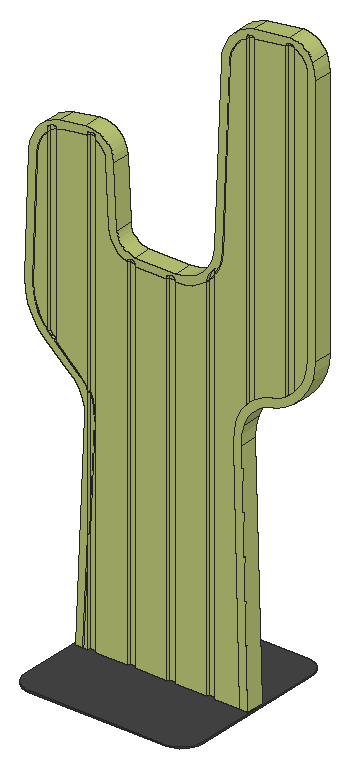
Revit family "Haworth_BuzziCactus_TexMex", category Furniture, Revit 2018
Family settings
  OmniClass Number = 23.40.70.14.64.21
  OmniClass Title = Systems Furniture
  Work Plane-Based = No
  Always vertical = Yes
  Cut with Voids When Loaded = No
  Shared = No
  Room Calculation Point = No
Parameters (values of type "HCBZ-CTS2-2")
  Warranty = "http://www.haworth.com/resources/product-info/warranties"
  Upholstery Finish [instance] = Haworth _ Fabric _ Trevira CS _ Pistache BCS-7009
  URL - Product = "https://www.haworth.com/products/architectural-interiors/acoustic-solutions/buzzicactus"
  URL = "http://www.haworth.com/our-brands/haworth-collection"
  Size = "Verify Final Dim. w/ Haworth"  # constant formula
  Revision Number = "1"  # constant formula
  Model = "HCBZ-CTS"  # constant formula
  Manufacturer = "Haworth"  # constant formula
  Description = "Haworth BuzziCactus TexMex"  # constant formula
  Base Finish [instance] = Haworth _ Paint _ Black BTR-9005
  Author = "Haworth (Abd Rahman)"  # constant formula
  Assembly Code = "E2020200"
  Actual Width = 31 57/64"  # constant formula
  Actual Height = 67 91/128"  # constant formula
  Actual Depth = 19 37/128"  # constant formula
Reference planes (in)
  plane 1 "Center F/B": y = 1.75
  plane 2: z = 0
  plane 3 "Back": y = 11.39453
  plane 4 "Front": y = -7.89453
  plane 5 "Top": z = 67.71094
  plane 6 "Right": x = 38.40569
  plane 7 "Left": x = 6.51506
  plane 8: x = 22.46038
  plane 9 "Front Surface": y = 0.86651
  plane 10 "Back Surface": y = 2.74956
  plane 11 "Base Top": z = 0.11811
Forms (in)
  Extrusion 1, solid, material "Haworth _ Paint _ Black BTR-9005" <- "Base Finish"
    sketch origin (0, 0, 0) x (1, 0, 0) y (0, 1, 0)
      loop
        arc (28.9559, -7.89453) -> (30.54689, -7.23552) -> (31.2059, -5.64453) r 2.25
        line (31.2059, -5.64453) -> (31.2059, 9.14453)
        arc (31.2059, 9.14453) -> (30.54689, 10.73552) -> (28.9559, 11.39453) r 2.25
        line (28.9559, 11.39453) -> (14.16456, 11.39453)
        arc (14.16456, 11.39453) -> (12.57357, 10.73552) -> (11.91456, 9.14453) r 2.25
        line (11.91456, 9.14453) -> (11.91456, -5.64453)
        arc (11.91456, -5.64453) -> (12.57357, -7.23552) -> (14.16456, -7.89453) r 2.25
        line (14.16456, -7.89453) -> (28.9559, -7.89453)
    from 0 to 0.11811
  Extrusion 2, solid, material "Haworth _ Fabric _ Trevira CS _ Pistache BCS-7009" <- "Upholstery Finish"
    sketch origin (0, 1.75, 0) x (1, 0, 0) y (0, 0, 1)
      loop
        line (13.15691, 22.79724) -> (12.13633, 0.11811) -> (30.95459, 0.11811) -> (30.24927, 25.91709)
        arc (30.24927, 25.91709) -> (30.31857, 27.01886) -> (30.58433, 28.09033) r 6.13095
        arc (30.58433, 28.09033) -> (31.80137, 29.90453) -> (33.75433, 30.88353) r 4.28737
        arc (33.75433, 30.88353) -> (34.46463, 31.09073) -> (35.13489, 31.40411) r 4.8244
        arc (35.13489, 31.40411) -> (37.50085, 33.73662) -> (38.36837, 36.94376) r 6.36206
        line (38.36837, 36.94376) -> (38.36838, 64.39259)
        arc (38.36838, 64.39259) -> (38.2836, 65.25214) -> (38.03253, 66.07857) r 4.39975
        arc (38.03253, 66.07857) -> (37.02149, 67.25712) -> (35.50965, 67.61142) r 2.5
        arc (35.50965, 67.61142) -> (33.53213, 67.38791) -> (31.56952, 67.05817) r 36.91631
        arc (31.56952, 67.05817) -> (29.82324, 66.27456) -> (28.60158, 64.80109) r 4.22712
        arc (28.60158, 64.80109) -> (28.22944, 63.80404) -> (28.07674, 62.75082) r 5
        line (28.07674, 62.75082) -> (27.38803, 44.32311)
        arc (27.38803, 44.32311) -> (26.08955, 41.42103) -> (23.141, 40.23184) r 4.25
        line (23.141, 40.23184) -> (18.65438, 40.23184)
        arc (18.65438, 40.23184) -> (17.27527, 40.78337) -> (16.65679, 42.13378) r 2
        line (16.65679, 42.13378) -> (16.33821, 48.62409)
        arc (16.33821, 48.62409) -> (15.37382, 50.58352) -> (13.2854, 51.22218) r 2.75
        arc (13.2854, 51.22218) -> (11.86575, 51.02758) -> (10.45742, 50.76316) r 29.03031
        arc (10.45742, 50.76316) -> (8.08753, 49.33707) -> (7.09709, 46.75461) r 4.25
        line (7.09709, 46.75461) -> (6.65418, 34.02959)
        arc (6.65418, 34.02959) -> (7.18736, 31.15575) -> (8.88547, 28.77674) r 6.75
        arc (8.88547, 28.77674) -> (10.21885, 27.59506) -> (11.56976, 26.43346) r 119.0737
        arc (11.56976, 26.43346) -> (12.78571, 24.79971) -> (13.15691, 22.79724) r 4.5
    from -0.99956 to 0.88349
  Extrusion 3, solid, material "Haworth _ Fabric _ Trevira CS _ Pistache BCS-7009" <- "Upholstery Finish"
    sketch origin (0, 1.75, 0) x (1, 0, 0) y (0, 0, 1)
      loop
        line (13.15691, 22.79724) -> (12.13633, 0.11811) -> (12.98876, 0.11811) -> (14.00761, 22.75896)
        arc (14.00761, 22.75896) -> (13.56616, 25.14036) -> (12.12012, 27.08328) r 5.35156
        arc (12.12012, 27.08328) -> (10.77887, 28.23657) -> (9.45502, 29.40981) r 118.22214
        arc (9.45502, 29.40981) -> (7.97114, 31.48868) -> (7.50522, 33.99996) r 5.89844
        line (7.50522, 33.99996) -> (7.94814, 46.72499)
        arc (7.94814, 46.72499) -> (8.74013, 48.79001) -> (10.63517, 49.93035) r 3.39844
        arc (10.63517, 49.93035) -> (12.00218, 50.18701) -> (13.38019, 50.37591) r 28.17875
        arc (13.38019, 50.37591) -> (14.82191, 49.93501) -> (15.48767, 48.58234) r 1.89844
        line (15.48767, 48.58234) -> (15.80625, 42.09203)
        arc (15.80625, 42.09203) -> (16.68807, 40.16664) -> (18.65438, 39.38027) r 2.85156
        line (18.65438, 39.38027) -> (23.141, 39.38027)
        arc (23.141, 39.38027) -> (26.68035, 40.80774) -> (28.239, 44.29131) r 5.10156
        line (28.239, 44.29131) -> (28.9277, 62.71901)
        arc (28.9277, 62.71901) -> (29.0544, 63.59286) -> (29.36316, 64.4201) r 4.14844
        arc (29.36316, 64.4201) -> (30.33872, 65.59673) -> (31.7332, 66.22248) r 3.37556
        arc (31.7332, 66.22248) -> (33.65054, 66.54463) -> (35.58245, 66.76298) r 36.06475
        arc (35.58245, 66.76298) -> (36.57932, 66.52936) -> (37.24597, 65.75225) r 1.64844
        arc (37.24597, 65.75225) -> (37.44844, 65.08578) -> (37.51681, 64.39259) r 3.54818
        line (37.51681, 64.39259) -> (37.51681, 36.94376)
        arc (37.51681, 36.94376) -> (36.76541, 34.16589) -> (34.71613, 32.14559) r 5.5105
        arc (34.71613, 32.14559) -> (34.16418, 31.88753) -> (33.57925, 31.71691) r 3.97284
        arc (33.57925, 31.71691) -> (31.23839, 30.54345) -> (29.77962, 28.36891) r 5.13893
        arc (29.77962, 28.36891) -> (29.47695, 27.14861) -> (29.39802, 25.89382) r 6.98251
        line (29.39802, 25.89382) -> (30.10335, 0.09484) -> (30.95523, 0.09484) -> (30.24927, 25.91709)
        arc (30.24927, 25.91709) -> (30.31857, 27.01886) -> (30.58433, 28.09033) r 6.13095
        arc (30.58433, 28.09033) -> (31.80137, 29.90453) -> (33.75433, 30.88353) r 4.28737
        arc (33.75433, 30.88353) -> (34.46463, 31.09073) -> (35.13489, 31.40411) r 4.8244
        arc (35.13489, 31.40411) -> (37.50085, 33.73662) -> (38.36837, 36.94376) r 6.36206
        line (38.36837, 36.94376) -> (38.36838, 64.39259)
        arc (38.36838, 64.39259) -> (38.2836, 65.25214) -> (38.03253, 66.07857) r 4.39975
        arc (38.03253, 66.07857) -> (37.02149, 67.25712) -> (35.50965, 67.61142) r 2.5
        arc (35.50965, 67.61142) -> (33.53213, 67.38791) -> (31.56952, 67.05817) r 36.91631
        arc (31.56952, 67.05817) -> (29.82324, 66.27456) -> (28.60158, 64.80109) r 4.22712
        arc (28.60158, 64.80109) -> (28.22944, 63.80404) -> (28.07674, 62.75082) r 5
        line (28.07674, 62.75082) -> (27.38803, 44.32311)
        arc (27.38803, 44.32311) -> (26.08955, 41.42103) -> (23.141, 40.23184) r 4.25
        line (23.141, 40.23184) -> (18.65438, 40.23184)
        arc (18.65438, 40.23184) -> (17.27527, 40.78337) -> (16.65679, 42.13378) r 2
        line (16.65679, 42.13378) -> (16.33821, 48.62409)
        arc (16.33821, 48.62409) -> (15.37382, 50.58352) -> (13.2854, 51.22218) r 2.75
        arc (13.2854, 51.22218) -> (11.86575, 51.02758) -> (10.45742, 50.76316) r 29.03031
        arc (10.45742, 50.76316) -> (8.08753, 49.33707) -> (7.09709, 46.75461) r 4.25
        line (7.09709, 46.75461) -> (6.65418, 34.02959)
        arc (6.65418, 34.02959) -> (7.18736, 31.15575) -> (8.88547, 28.77674) r 6.75
        arc (8.88547, 28.77674) -> (10.21885, 27.59506) -> (11.56976, 26.43346) r 119.0737
        arc (11.56976, 26.43346) -> (12.78571, 24.79971) -> (13.15691, 22.79724) r 4.5
    from -0.99956 to 0.88349
  Extrusion 4, void
    sketch origin (0, 1.75, 0) x (1, 0, 0) y (0, 0, 1)
      loop
        arc (10.085, 50.02729) -> (9.54489, 50.05398) -> (9.14086, 49.69456) r 0.71429
        line (9.14086, 49.69456) -> (9.14086, 29.71427)
        arc (9.14086, 29.71427) -> (9.29512, 29.55913) -> (9.45502, 29.40981) r 5.89844
        arc (9.45502, 29.40981) -> (9.76951, 29.12789) -> (10.085, 28.84709) r 118.22214
        line (10.085, 28.84709) -> (10.085, 50.02729)
    from 0.63012 to 2.3549
  Extrusion 5, void
    sketch origin (4.38863, 1.75, -0.38396) x (1, 0, 0) y (0, 0, 1)
      loop
        arc (10.02708, 50.98438) -> (9.58421, 51.22645) -> (9.10892, 51.05664) r 0.61657
        line (9.10892, 51.05664) -> (9.10892, 0.50207) -> (10.02708, 0.50207) -> (10.02708, 50.98438)
    from 0.63012 to 2.3549
  Extrusion 6, void
    sketch origin (8.70635, 1.75, -0.38396) x (1, 0, 0) y (0, 0, 1)
      loop
        arc (10.02708, 39.97209) -> (9.60893, 40.28422) -> (9.10892, 40.13501) r 0.58111
        line (9.10892, 40.13501) -> (9.10892, 0.50207) -> (10.02708, 0.50207) -> (10.02708, 39.97209)
    from 0.63012 to 2.3549
  Extrusion 7, void
    sketch origin (13.03706, 1.75, -0.38396) x (1, 0, 0) y (0, 0, 1)
      loop
        arc (10.02708, 40.00339) -> (9.568, 40.25989) -> (9.10892, 40.00339) r 0.53909
        line (9.10892, 40.00339) -> (9.10892, 0.50207) -> (10.02708, 0.50207) -> (10.02708, 40.00339)
    from 0.63012 to 2.3549
  Extrusion 8, void
    sketch origin (17.36777, 1.75, -0.38396) x (1, 0, 0) y (0, 0, 1)
      loop
        arc (10.02708, 42.59878) -> (9.43651, 41.91256) -> (9.10892, 41.06855) r 2.67256
        line (9.10892, 41.06855) -> (9.10892, 0.50207) -> (10.02708, 0.50207) -> (10.02708, 42.59878)
    from 0.63012 to 2.3549
  Extrusion 9, void
    sketch origin (21.2874, 1.75, 16.60863) x (1, 0, 0) y (0, 0, 1)
      loop
        arc (10.45114, 49.6149) -> (9.86572, 49.76721) -> (9.50701, 49.28014) r 0.53939
        line (9.50701, 49.28014) -> (9.50701, 13.49269)
        arc (9.50701, 13.49269) -> (9.95356, 13.93708) -> (10.45114, 14.32349) r 5.13893
        line (10.45114, 14.32349) -> (10.45114, 49.6149)
    from 0.63012 to 2.3549
  Extrusion 10, void
    sketch origin (26.01665, 1.75, 16.60863) x (1, 0, 0) y (0, 0, 1)
      loop
        arc (10.05262, 50.11217) -> (9.58055, 50.49628) -> (9.10847, 50.11217) r 0.48215
        line (9.10847, 50.11217) -> (9.10847, 15.79216)
        arc (9.10847, 15.79216) -> (9.6039, 16.17546) -> (10.05262, 16.61251) r 5.5105
        line (10.05262, 16.61251) -> (10.05262, 50.11217)
    from 0.63012 to 2.3549
  Extrusion 11, solid, material "Haworth _ Fabric _ Trevira CS _ Pistache BCS-7009" <- "Upholstery Finish"
    sketch origin (0, 1.75, 0) x (1, 0, 0) y (0, 0, 1)
      loop
        arc (36.06927, 66.7208) -> (35.59719, 67.10491) -> (35.12512, 66.7208) r 0.48215
        line (35.12512, 66.7208) -> (35.12512, 32.40079)
        arc (35.12512, 32.40079) -> (35.62054, 32.78409) -> (36.06927, 33.22114) r 5.5105
        line (36.06927, 33.22114) -> (36.06927, 66.7208)
      loop
        line (30.79441, 65.88877) -> (30.79441, 30.10132)
        arc (30.79441, 30.10132) -> (31.24097, 30.54571) -> (31.73854, 30.93212) r 5.13893
        line (31.73854, 30.93212) -> (31.73854, 66.22353)
        arc (31.73854, 66.22353) -> (31.15312, 66.37584) -> (30.79441, 65.88877) r 0.53939
      loop
        line (27.39485, 0.11811) -> (27.39485, 42.21482)
        arc (27.39485, 42.21482) -> (26.80427, 41.52861) -> (26.47669, 40.68459) r 2.67256
        line (26.47669, 40.68459) -> (26.47669, 0.11811) -> (27.39485, 0.11811)
      loop
        line (23.06414, 0.11811) -> (23.06414, 39.61944)
        arc (23.06414, 39.61944) -> (22.60506, 39.87593) -> (22.14598, 39.61944) r 0.53909
        line (22.14598, 39.61944) -> (22.14598, 0.11811) -> (23.06414, 0.11811)
      loop
        line (18.73343, 0.11811) -> (18.73343, 39.58813)
        arc (18.73343, 39.58813) -> (18.31528, 39.90026) -> (17.81527, 39.75106) r 0.58111
        line (17.81527, 39.75106) -> (17.81527, 0.11811) -> (18.73343, 0.11811)
      loop
        line (14.41571, 0.11811) -> (14.41571, 50.60043)
        arc (14.41571, 50.60043) -> (13.97284, 50.84249) -> (13.49755, 50.67269) r 0.61657
        line (13.49755, 50.67269) -> (13.49755, 0.11811) -> (14.41571, 0.11811)
      loop
        line (10.085, 28.84709) -> (10.085, 50.02729)
        arc (10.085, 50.02729) -> (9.54489, 50.05398) -> (9.14086, 49.69456) r 0.71429
        line (9.14086, 49.69456) -> (9.14086, 29.71427)
        arc (9.14086, 29.71427) -> (9.29512, 29.55913) -> (9.45502, 29.40981) r 5.89844
        arc (9.45502, 29.40981) -> (9.76951, 29.12789) -> (10.085, 28.84709) r 118.22214
    from -0.80903 to -1.0786
Cuts and joins
  Extrusion 4, Extrusion 5, Extrusion 6, Extrusion 7, Extrusion 8, Extrusion 9, Extrusion 10 cuts Extrusion 2
  Extrusion 6, Extrusion 7, Extrusion 8 cuts Extrusion 1
  Extrusion 4, Extrusion 5, Extrusion 6, Extrusion 7, Extrusion 8, Extrusion 9, Extrusion 10 cuts Extrusion 3
Lines and regions (in)
  Masking region 1
    outline origin (0, 0, 0) x (1, 0, 0) y (0, 1, 0)
      loop
        line (28.9559, 11.39453) -> (14.16456, 11.39453)
        arc (14.16456, 11.39453) -> (12.57357, 10.73552) -> (11.91456, 9.14453) r 2.25
        line (11.91456, 9.14453) -> (11.91456, 2.74956) -> (6.51506, 2.74956) -> (6.51506, 0.86651) -> (11.91456, 0.86651) -> (11.91456, -5.64453)
        arc (11.91456, -5.64453) -> (12.57357, -7.23552) -> (14.16456, -7.89453) r 2.25
        line (14.16456, -7.89453) -> (28.9559, -7.89453)
        arc (28.9559, -7.89453) -> (30.54689, -7.23552) -> (31.2059, -5.64453) r 2.25
        line (31.2059, -5.64453) -> (31.2059, 0.86651) -> (38.40569, 0.86651) -> (38.40569, 2.74956) -> (31.2059, 2.74956) -> (31.2059, 9.14453)
        arc (31.2059, 9.14453) -> (30.54689, 10.73552) -> (28.9559, 11.39453) r 2.25
  symbolic lines
    curve 1: line (11.91456, 2.74956, 0) -> (31.2059, 2.74956, 0)
    curve 2: line (31.2059, 0.86651, 0) -> (11.91456, 0.86651, 0)
Dimensions and locks (in)
  "Actual Width": plane 7 "Left" to plane 6 "Right"
  "Actual Depth": plane 4 "Front" to plane 3 "Back"
  equal spacing: plane 4 "Front", plane 1 "Center F/B", plane 3 "Back"
  "Actual Height": plane 5 "Top" to level
  equal spacing: plane 7 "Left", plane 8, plane 6 "Right"
  aligned and locked: Extrusion 1 sketch curve to plane 3 "Back"
  aligned and locked: Extrusion 1 sketch curve to plane 4 "Front"
  aligned and locked: Extrusion 1 to plane 2
  aligned and locked: plane 11 "Base Top" to Extrusion 1
  aligned and locked: plane 10 "Back Surface" to Extrusion 2
  aligned and locked: Extrusion 2 to plane 9 "Front Surface"
Automatic sketch dimensions
  Extrusion 1 sketch curve to Extrusion 1 sketch curve = 2 1/4"  (x3)
  Extrusion 1 sketch curve to plane 3 "Back" = 2 1/4"
  Extrusion 2 sketch curve to plane 11 "Base Top" = 0"
  Extrusion 2 sketch curve to plane 7 "Left" = 0.13911"
  Extrusion 2 sketch curve to plane 7 "Left" = 149/256"
  Extrusion 2 sketch curve to plane 7 "Left" = 2.1464"
  Extrusion 2 sketch curve to Extrusion 2 sketch curve = 4.24743"
  Extrusion 2 sketch curve to plane 7 "Left" = 5.62127"
  Extrusion 2 sketch curve to Extrusion 2 sketch curve = 4.49545"
  Extrusion 2 sketch curve to Extrusion 2 sketch curve = 6.74591"
  Extrusion 2 sketch curve to Extrusion 2 sketch curve = 2.247"
  Extrusion 2 sketch curve to Extrusion 2 sketch curve = 2.74669"
  Extrusion 2 sketch curve to Extrusion 2 sketch curve = 3.35997"
  plane 8 to Extrusion 2 sketch curve = 5.80359"
  Extrusion 2 sketch curve to Extrusion 2 sketch curve = 1.99759"
  Extrusion 2 sketch curve to plane 8 = 0.68062"
  Extrusion 2 sketch curve to Extrusion 2 sketch curve = 4.24703"
  Extrusion 2 sketch curve to plane 8 = 5.61636"
  Extrusion 2 sketch curve to plane 8 = 7.78889"
  Extrusion 2 sketch curve to plane 6 "Right" = 7.4511"
  Extrusion 2 sketch curve to plane 6 "Right" = 6.39938"
  Extrusion 2 sketch curve to Extrusion 2 sketch curve = 4.3053"
  Extrusion 2 sketch curve to Extrusion 2 sketch curve = 0.75616"
  Extrusion 2 sketch curve to Extrusion 2 sketch curve = 0.69121"
  Extrusion 2 sketch curve to Extrusion 2 sketch curve = 0.89538"
  Extrusion 2 sketch curve to plane 6 "Right" = 3.7699"
  Extrusion 2 sketch curve to Extrusion 2 sketch curve = 1.75473"
  Extrusion 2 sketch curve to Extrusion 2 sketch curve = 1.74214"
  Extrusion 2 sketch curve to plane 6 "Right" = 0.03732"
  Extrusion 2 sketch curve to plane 6 "Right" = 0.03731"
  plane 6 "Right" to Extrusion 2 sketch curve = 0.25969"
  plane 6 "Right" to Extrusion 2 sketch curve = 50.12015"
  plane 11 "Base Top" to Extrusion 2 sketch curve = 22.25417"
  Extrusion 2 sketch curve to Extrusion 2 sketch curve = 0.42496"
  Extrusion 2 sketch curve to Extrusion 2 sketch curve = 0.2023"
  Extrusion 2 sketch curve to Extrusion 2 sketch curve = 3.54481"
  Extrusion 2 sketch curve to Extrusion 2 sketch curve = 0.16755"
  Extrusion 2 sketch curve to Extrusion 2 sketch curve = 0.60311"
  Extrusion 2 sketch curve to Extrusion 2 sketch curve = 4.74559"
  Extrusion 2 sketch curve to Extrusion 2 sketch curve = 10.99754"
  Extrusion 2 sketch curve to Extrusion 2 sketch curve = 0.2348"
  Extrusion 2 sketch curve to Extrusion 2 sketch curve = 4.77463"
  Extrusion 2 sketch curve to Extrusion 2 sketch curve = 1.33889"  (x2)
  Extrusion 2 sketch curve to Extrusion 2 sketch curve = 3.28807"
  Extrusion 2 sketch curve to Extrusion 2 sketch curve = 1.90195"
  Extrusion 2 sketch curve to Extrusion 2 sketch curve = 4.09127"
  Extrusion 2 sketch curve to Extrusion 2 sketch curve = 4.47299"
  Extrusion 2 sketch curve to Extrusion 2 sketch curve = 0.14784"
  Extrusion 2 sketch curve to Extrusion 2 sketch curve = 1.8825"
  Extrusion 2 sketch curve to Extrusion 2 sketch curve = 0.13482"
  Extrusion 2 sketch curve to plane 5 "Top" = 5.14686"
  Extrusion 2 sketch curve to plane 5 "Top" = 4.96012"
  Extrusion 2 sketch curve to Extrusion 2 sketch curve = 0.34579"
  Extrusion 2 sketch curve to plane 5 "Top" = 3.31835"
  Extrusion 2 sketch curve to Extrusion 2 sketch curve = 1.82851"
  Extrusion 2 sketch curve to Extrusion 2 sketch curve = 0.72798"
  plane 5 "Top" to Extrusion 2 sketch curve = 49.58675"
  Extrusion 2 sketch curve to Extrusion 2 sketch curve = 0"  (x7)
  Extrusion 3 sketch curve to Extrusion 3 sketch curve = 0"  (x50)
  Extrusion 3 sketch curve to plane 11 "Base Top" = 0"
  Extrusion 3 sketch curve to plane 7 "Left" = 0.13911"
  Extrusion 3 sketch curve to plane 7 "Left" = 149/256"
  Extrusion 3 sketch curve to Extrusion 3 sketch curve = 0.85105"  (x2)
  Extrusion 3 sketch curve to plane 7 "Left" = 2.1464"
  Extrusion 3 sketch curve to Extrusion 3 sketch curve = 3.39638"
  Extrusion 3 sketch curve to plane 7 "Left" = 5.62127"
  Extrusion 3 sketch curve to Extrusion 3 sketch curve = 0.85242"
  Extrusion 3 sketch curve to Extrusion 3 sketch curve = 4.49545"
  Extrusion 3 sketch curve to Extrusion 3 sketch curve = 5.89487"
  Extrusion 3 sketch curve to Extrusion 3 sketch curve = 2.247"
  Extrusion 3 sketch curve to Extrusion 3 sketch curve = 0.8507"
  Extrusion 3 sketch curve to Extrusion 3 sketch curve = 1.89615"
  Extrusion 3 sketch curve to Extrusion 3 sketch curve = 4.46173"
  Extrusion 3 sketch curve to Extrusion 3 sketch curve = 0.85054"  (x2)
  Extrusion 3 sketch curve to Extrusion 3 sketch curve = 2.50927"
  Extrusion 3 sketch curve to Extrusion 3 sketch curve = 1.99759"
  Extrusion 3 sketch curve to plane 8 = 0.68062"
  Extrusion 3 sketch curve to Extrusion 3 sketch curve = 4.24703"
  Extrusion 3 sketch curve to plane 8 = 5.61636"
  Extrusion 3 sketch curve to Extrusion 3 sketch curve = 0.85097"  (x2)
  Extrusion 3 sketch curve to plane 8 = 6.93765"
  Extrusion 3 sketch curve to plane 11 "Base Top" = 0.02327"
  Extrusion 3 sketch curve to plane 8 = 7.64297"
  Extrusion 3 sketch curve to Extrusion 3 sketch curve = 0.85124"
  Extrusion 3 sketch curve to Extrusion 3 sketch curve = 0.85188"
  Extrusion 3 sketch curve to plane 6 "Right" = 6.39938"
  Extrusion 3 sketch curve to Extrusion 3 sketch curve = 3.45433"
  Extrusion 3 sketch curve to Extrusion 3 sketch curve = 0.75616"
  Extrusion 3 sketch curve to Extrusion 3 sketch curve = 0.69121"
  Extrusion 3 sketch curve to Extrusion 3 sketch curve = 0.89538"
  Extrusion 3 sketch curve to plane 6 "Right" = 3.7699"
  Extrusion 3 sketch curve to Extrusion 3 sketch curve = 1.75473"
  Extrusion 3 sketch curve to Extrusion 3 sketch curve = 1.74214"
  Extrusion 3 sketch curve to plane 6 "Right" = 0.88888"
  Extrusion 3 sketch curve to plane 6 "Right" = 0.88887"
  Extrusion 3 sketch curve to plane 6 "Right" = 0.03732"
  Extrusion 3 sketch curve to plane 6 "Right" = 0.03731"
  plane 6 "Right" to Extrusion 3 sketch curve = 0.25969"
  plane 6 "Right" to Extrusion 3 sketch curve = 50.12015"
  plane 11 "Base Top" to Extrusion 3 sketch curve = 22.25417"
  Extrusion 3 sketch curve to Extrusion 3 sketch curve = 0.38668"
  Extrusion 3 sketch curve to Extrusion 3 sketch curve = 0.03828"
  Extrusion 3 sketch curve to Extrusion 3 sketch curve = 0.2023"
  Extrusion 3 sketch curve to Extrusion 3 sketch curve = 3.52154"
  Extrusion 3 sketch curve to Extrusion 3 sketch curve = 0.02327"
  Extrusion 3 sketch curve to Extrusion 3 sketch curve = 0.16755"
  Extrusion 3 sketch curve to Extrusion 3 sketch curve = 0.60311"
  Extrusion 3 sketch curve to Extrusion 3 sketch curve = 4.74559"
  Extrusion 3 sketch curve to Extrusion 3 sketch curve = 10.99754"
  Extrusion 3 sketch curve to Extrusion 3 sketch curve = 0.20518"
  Extrusion 3 sketch curve to Extrusion 3 sketch curve = 0.02962"  (x2)
  Extrusion 3 sketch curve to Extrusion 3 sketch curve = 4.77463"
  Extrusion 3 sketch curve to Extrusion 3 sketch curve = 1.33889"  (x2)
  Extrusion 3 sketch curve to Extrusion 3 sketch curve = 5.58549"
  Extrusion 3 sketch curve to Extrusion 3 sketch curve = 109/128"
  Extrusion 3 sketch curve to Extrusion 3 sketch curve = 1.8602"
  Extrusion 3 sketch curve to Extrusion 3 sketch curve = 4.05947"
  Extrusion 3 sketch curve to Extrusion 3 sketch curve = 4.51474"
  Extrusion 3 sketch curve to Extrusion 3 sketch curve = 0.11822"
  Extrusion 3 sketch curve to Extrusion 3 sketch curve = 1.8825"
  Extrusion 3 sketch curve to Extrusion 3 sketch curve = 0.09307"
  Extrusion 3 sketch curve to Extrusion 3 sketch curve = 0.04175"
  Extrusion 3 sketch curve to plane 5 "Top" = 5.14686"
  Extrusion 3 sketch curve to Extrusion 3 sketch curve = 0.15493"
  Extrusion 3 sketch curve to Extrusion 3 sketch curve = 0.0318"
  Extrusion 3 sketch curve to Extrusion 3 sketch curve = 0.34579"
  Extrusion 3 sketch curve to plane 5 "Top" = 3.31835"
  Extrusion 3 sketch curve to Extrusion 3 sketch curve = 1.82851"
  Extrusion 3 sketch curve to Extrusion 3 sketch curve = 0.72798"
  plane 5 "Top" to Extrusion 3 sketch curve = 49.58675"
  Extrusion 4 sketch curve to plane 7 "Left" = 2.6258"
  Extrusion 4 sketch curve to Extrusion 4 sketch curve = 0.64145"
  Extrusion 4 sketch curve to Extrusion 4 sketch curve = 0.30269"
  Extrusion 4 sketch curve to Extrusion 4 sketch curve = 4.25923"
  plane 6 "Right" to Extrusion 4 sketch curve = 50.12015"
  plane 11 "Base Top" to Extrusion 4 sketch curve = 28.72898"
  Extrusion 4 sketch curve to Extrusion 4 sketch curve = 111/128"
  Extrusion 4 sketch curve to Extrusion 4 sketch curve = 4.08051"
  Extrusion 4 sketch curve to Extrusion 4 sketch curve = 15.58552"
  Extrusion 4 sketch curve to Extrusion 4 sketch curve = 0.31425"
  plane 5 "Top" to Extrusion 4 sketch curve = 49.58675"
  Extrusion 5 sketch curve to plane 11 "Base Top" = 0"
  Extrusion 5 sketch curve to Extrusion 5 sketch curve = 0.49125"
  Extrusion 5 sketch curve to Extrusion 5 sketch curve = 0.91816"
  Extrusion 5 sketch curve to plane 5 "Top" = 17.48312"
  Extrusion 5 sketch curve to Extrusion 5 sketch curve = 0.37261"
  Extrusion 6 sketch curve to plane 11 "Base Top" = 0"
  plane 8 to Extrusion 6 sketch curve = 4.64511"
  Extrusion 6 sketch curve to Extrusion 6 sketch curve = 0.39848"
  Extrusion 6 sketch curve to Extrusion 6 sketch curve = 0.91816"
  Extrusion 6 sketch curve to plane 5 "Top" = 28.38285"
  Extrusion 6 sketch curve to Extrusion 6 sketch curve = 0.26004"
  Extrusion 7 sketch curve to plane 11 "Base Top" = 0"
  plane 8 to Extrusion 7 sketch curve = 0.3144"
  Extrusion 7 sketch curve to plane 8 = 0.14468"
  Extrusion 7 sketch curve to plane 8 = 0.60376"
  Extrusion 7 sketch curve to plane 5 "Top" = 28.37409"
  Extrusion 7 sketch curve to Extrusion 7 sketch curve = 0.28259"
  Extrusion 8 sketch curve to plane 11 "Base Top" = 0"
  Extrusion 8 sketch curve to plane 8 = 4.01631"
  Extrusion 8 sketch curve to Extrusion 8 sketch curve = 0.91816"
  Extrusion 8 sketch curve to Extrusion 8 sketch curve = 1.7011"
  Extrusion 8 sketch curve to plane 5 "Top" = 27.55738"
  Extrusion 8 sketch curve to Extrusion 8 sketch curve = 0.53104"
  Extrusion 9 sketch curve to plane 5 "Top" = 1.82217"
  Extrusion 9 sketch curve to plane 6 "Right" = 7.61128"
  Extrusion 9 sketch curve to Extrusion 9 sketch curve = 0.53897"
  Extrusion 9 sketch curve to Extrusion 9 sketch curve = 0.94414"
  Extrusion 9 sketch curve to plane 6 "Right" = 3.7699"
  Extrusion 9 sketch curve to Extrusion 9 sketch curve = 0.02131"
  plane 11 "Base Top" to Extrusion 9 sketch curve = 30.81401"
  Extrusion 9 sketch curve to Extrusion 9 sketch curve = 0.8308"
  Extrusion 10 sketch curve to plane 6 "Right" = 6.39938"
  Extrusion 10 sketch curve to plane 5 "Top" = 0.99014"
  Extrusion 10 sketch curve to plane 6 "Right" = 3.28057"
  Extrusion 10 sketch curve to Extrusion 10 sketch curve = 0.47208"
  Extrusion 10 sketch curve to Extrusion 10 sketch curve = 0.94415"
  Extrusion 10 sketch curve to Extrusion 10 sketch curve = 0.09804"
  Extrusion 10 sketch curve to Extrusion 10 sketch curve = 29.679"
  Extrusion 10 sketch curve to Extrusion 10 sketch curve = 3.72263"
  Extrusion 11 sketch curve to plane 11 "Base Top" = 0"  (x4)
  Extrusion 11 sketch curve to Extrusion 11 sketch curve = 0.64145"
  Extrusion 11 sketch curve to Extrusion 11 sketch curve = 0.30269"
  Extrusion 11 sketch curve to Extrusion 11 sketch curve = 4.25923"
  Extrusion 11 sketch curve to Extrusion 11 sketch curve = 0.42691"
  Extrusion 11 sketch curve to Extrusion 11 sketch curve = 0.49125"
  Extrusion 11 sketch curve to Extrusion 11 sketch curve = 3.39956"
  Extrusion 11 sketch curve to Extrusion 11 sketch curve = 0.39848"
  Extrusion 11 sketch curve to Extrusion 11 sketch curve = 0.91816"  (x2)
  plane 8 to Extrusion 11 sketch curve = 0.3144"
  Extrusion 11 sketch curve to plane 8 = 0.14468"
  Extrusion 11 sketch curve to plane 8 = 0.60376"
  Extrusion 11 sketch curve to Extrusion 11 sketch curve = 3.41255"  (x2)
  Extrusion 11 sketch curve to Extrusion 11 sketch curve = 1.7011"
  Extrusion 11 sketch curve to plane 6 "Right" = 7.61128"
  Extrusion 11 sketch curve to Extrusion 11 sketch curve = 0.53897"
  Extrusion 11 sketch curve to Extrusion 11 sketch curve = 0.40516"
  Extrusion 11 sketch curve to Extrusion 11 sketch curve = 2.91035"
  Extrusion 11 sketch curve to plane 6 "Right" = 3.7699"
  Extrusion 11 sketch curve to plane 5 "Top" = 0.99014"
  Extrusion 11 sketch curve to plane 6 "Right" = 3.28057"
  Extrusion 11 sketch curve to Extrusion 11 sketch curve = 0.47208"
  Extrusion 11 sketch curve to Extrusion 11 sketch curve = 0.94415"
  Extrusion 11 sketch curve to Extrusion 11 sketch curve = 3.41356"
  Extrusion 11 sketch curve to Extrusion 11 sketch curve = 1.46867"
  Extrusion 11 sketch curve to Extrusion 11 sketch curve = 0.82035"
  Extrusion 11 sketch curve to Extrusion 11 sketch curve = 5.53331"
  Extrusion 11 sketch curve to Extrusion 11 sketch curve = 0.00876"
  Extrusion 11 sketch curve to Extrusion 11 sketch curve = 0.26004"
  Extrusion 11 sketch curve to Extrusion 11 sketch curve = 0.28259"
  Extrusion 11 sketch curve to Extrusion 11 sketch curve = 3.20979"
  Extrusion 11 sketch curve to Extrusion 11 sketch curve = 0.53104"
  Extrusion 11 sketch curve to Extrusion 11 sketch curve = 9.62925"
  Extrusion 11 sketch curve to Extrusion 11 sketch curve = 0.31425"
  Extrusion 11 sketch curve to Extrusion 11 sketch curve = 0.20053"
  Extrusion 11 sketch curve to Extrusion 11 sketch curve = 0.37261"
  Extrusion 11 sketch curve to plane 5 "Top" = 1.84348"
  Extrusion 11 sketch curve to Extrusion 11 sketch curve = 0.02131"
  Extrusion 11 sketch curve to Extrusion 11 sketch curve = 0.09804"
  plane 5 "Top" to Extrusion 11 sketch curve = 49.58675"
  Extrusion 11 sketch curve to plane 7 "Left" = 2.6258"
  Extrusion 11 sketch curve to Extrusion 11 sketch curve = 0.31416"
  Extrusion 11 sketch curve to Extrusion 11 sketch curve = 0"
  Extrusion 11 sketch curve to Extrusion 11 sketch curve = 12.93168"
  plane 6 "Right" to Extrusion 11 sketch curve = 50.12015"
  plane 11 "Base Top" to Extrusion 11 sketch curve = 26.56965"
  Extrusion 1 sketch curve to plane 7 "Left" = 5.39949"
  Extrusion 1 sketch curve to plane 8 = 6.49552"
  Extrusion 5 sketch curve to plane 7 "Left" = 6.98248"
  Masking region 1 sketch curve to plane 10 "Back Surface" = 0"  (x2)
  Masking region 1 sketch curve to plane 9 "Front Surface" = 0"  (x2)
  plane 4 "Front" to Masking region 1 sketch curve = 0"
  Masking region 1 sketch curve to plane 3 "Back" = 0"
  Masking region 1 sketch curve to plane 6 "Right" = 0"
  Masking region 1 sketch curve to plane 7 "Left" = 5.39949"
  Masking region 1 sketch curve to Masking region 1 sketch curve = 0"  (x2)
  Masking region 1 sketch curve to plane 3 "Back" = 2 1/4"  (x2)
  Masking region 1 sketch curve to Masking region 1 sketch curve = 2 1/4"
  Masking region 1 sketch curve to plane 8 = 6.49552"  (x2)
  Masking region 1 sketch curve to plane 7 "Left" = 0"
  curve 2 to plane 9 "Front Surface" = 0"
  curve 1 to plane 10 "Back Surface" = 0"
  curve 1 to plane 7 "Left" = 5.39949"
  curve 2 to curve 1 = 0"
  curve 2 to plane 6 "Right" = 7.19979"
  curve 1 to curve 2 = 0"
